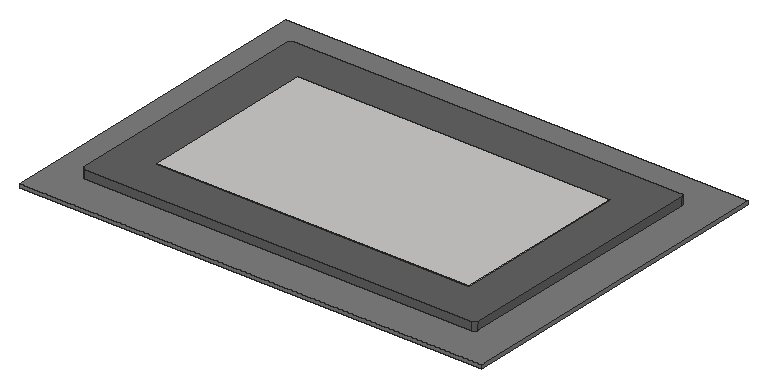
Revit family "QSC TSC80W-G2_R15", category Communication Devices, host Face, Revit 2015
Parameters
  Weight Product = 0.39
  Voltage DC = "24 VDC or PoE 802.3af"
  URL = "https://www.qsc.com/systems/products/q-sys-platform/products-peripherals-accessories/network-touch-screen-controller-peripherals/tsc-55w-g2/"
  Width = 148.5 mm
  Temperature Min = "32F/ 0C"
  Temperature Max = "122F/ 50C"
  Sustainability Rating = ""
  Screen Width = 122.0 mm
  Screen Height = 68.0 mm
  Screen = Metal Panel
  Resolution Vertical = 540
  Resolution Horizontal = 960
  Regulatory Compliance = ""
  OmniClass Number = "23-19 11 25"
  Logo Material [instance] = White Finish
  Height = 87.5 mm
  Product Documentation Link = "https://www.qsc.com/resource-files/productresources/dn/touchscreen_controller_peripherals/q_dn_qsys_tsc-g2_specs.pdf"
  Model = "TSC-55W-G2"
  Manufacturer URL = "http://www.qsc.com"
  Manufacturer = "QSC"  # constant formula
  Heat Load = "17 typical"
  Face Material = Glossy Black
  Description = "In-Wall or Table Top Touch Screen Controller"
  Depth = 33.7 mm
  Default Elevation = 0.0 mm
  Current Draw = 0.5
  Enclosure Material = Steel, Paint Finish, Dark Gray, Matte
  Brightness Full = "400 Nits"
Reference planes
  plane 1 "Center (Front/Back)": y = 0
  plane 2: z = 3.484
  plane 3 "Center (Left/Right)": x = 0
  plane 4: x = -66
  plane 5: x = 66
  plane 6: y = 40.5
  plane 7: y = -40.5
  plane 8: x = -50
  plane 9: x = 50
  plane 10: y = 30
  plane 11: y = -30
  plane 12: z = 8
  plane 13: z = -2
  plane 14: z = -6
  plane 15: x = -61
  plane 16: x = 61
  plane 17: y = -38
  plane 18: y = 38
  plane 19: x = -54.3
  plane 20: x = 54.3
  plane 21: y = -22
  plane 22: y = 22
  plane 23: x = -24
  plane 24: x = 24
  plane 25: x = 20
  plane 26: x = -20
  plane 27: y = 13
  plane 28: y = -13
  plane 29: z = -26
Forms (mm)
  Extrusion 1, solid, material "Glass"
    sketch origin (1, 0, 0) x (1, 0, 0) y (0, 1, 0)
      loop
        line (-130.824, 93.5) -> (-130.824, -95.344) -> (131.145, -95.344) -> (131.145, 93.5) -> (-130.824, 93.5)
    from 3.484 to 1.438
  Extrusion 2, solid, material "Glossy Black" <- "Face Material"
    sketch origin (0.365, 0, 6) x (-1, 0, 0) y (0, -1, 0)
      loop
        line (-109.385, -74.2) -> (110.115, -74.2)
        arc (110.115, -74.2) -> (111.529, -73.614) -> (112.115, -72.2) r 2
        line (112.115, -72.2) -> (112.115, 72.2)
        arc (112.115, 72.2) -> (111.529, 73.614) -> (110.115, 74.2) r 2
        line (110.115, 74.2) -> (-109.385, 74.2)
        arc (-109.385, 74.2) -> (-110.799, 73.614) -> (-111.385, 72.2) r 2
        line (-111.385, 72.2) -> (-111.385, -72.2)
        arc (-111.385, -72.2) -> (-110.799, -73.614) -> (-109.385, -74.2) r 2
    from -2.516 to 2
  Extrusion 3, solid, material "Metal Panel" <- "Screen"
    sketch origin (0.365, 0, 8) x (-1, 0, 0) y (0, -1, 0)
      loop
        line (88.865, -50) -> (88.865, 50) -> (-88.135, 50) -> (-88.135, -50) -> (88.865, -50)
    from 0.1 to -2
  Extrusion 4, solid, material "Steel, Paint Finish, Dark Gray, Matte" <- "Enclosure Material"
    sketch origin (0.062, 0, -6) x (-1, 0, 0) y (0, -1, 0)
      loop
        line (61, -38) -> (61, 38) -> (-61, 38) -> (-61, -38) -> (61, -38)
    from 0 to 4
  Blend 5, solid, material "Steel, Paint Finish, Dark Gray, Matte" <- "Enclosure Material"
    base sketch origin (0, 0, 13) x (-1, 0, 0) y (0, -1, 0)
      loop
        arc (109.75, -74.2) -> (111.164, -73.614) -> (111.75, -72.2) r 2
        line (111.75, -72.2) -> (111.75, 72.2)
        arc (111.75, 72.2) -> (111.164, 73.614) -> (109.75, 74.2) r 2
        line (109.75, 74.2) -> (0.581, 74.2) -> (-109.75, 74.2)
        arc (-109.75, 74.2) -> (-111.164, 73.614) -> (-111.75, 72.2) r 2
        line (-111.75, 72.2) -> (-111.75, -72.2)
        arc (-111.75, -72.2) -> (-111.164, -73.614) -> (-109.75, -74.2) r 2
        line (-109.75, -74.2) -> (109.75, -74.2)
    top sketch origin (0, 0, 13) x (-1, 0, 0) y (0, -1, 0)
      loop
        line (60.937, -55.196) -> (60.937, 54.804) -> (-61.063, 54.804) -> (-61.063, -55.196) -> (60.937, -55.196)
    from -9.516 to -15
  Extrusion 6, solid, material "Steel, Paint Finish, Dark Gray, Matte" <- "Enclosure Material"
    sketch origin (0, 0, 13) x (-1, 0, 0) y (0, -1, 0)
      loop
        arc (43.3, -38) -> (51.078, -34.778) -> (54.3, -27) r 11
        line (54.3, -27) -> (54.3, 27)
        arc (54.3, 27) -> (51.078, 34.778) -> (43.3, 38) r 11
        line (43.3, 38) -> (-43.3, 38)
        arc (-43.3, 38) -> (-51.078, 34.778) -> (-54.3, 27) r 11
        line (-54.3, 27) -> (-54.3, -27)
        arc (-54.3, -27) -> (-51.078, -34.778) -> (-43.3, -38) r 11
        line (-43.3, -38) -> (43.3, -38)
    from -17.197 to -19.3
  Extrusion 7, solid, material "Steel, Paint Finish, Dark Gray, Matte" <- "Enclosure Material"
    sketch origin (0, 0, 13) x (-1, 0, 0) y (0, -1, 0)
      loop
        arc (26.142, -17.625) -> (28.971, -16.453) -> (30.142, -13.625) r 4
        line (30.142, -13.625) -> (30.142, 13.625)
        arc (30.142, 13.625) -> (28.971, 16.453) -> (26.142, 17.625) r 4
        line (26.142, 17.625) -> (-26.142, 17.625)
        arc (-26.142, 17.625) -> (-28.971, 16.453) -> (-30.142, 13.625) r 4
        line (-30.142, 13.625) -> (-30.142, -13.625)
        arc (-30.142, -13.625) -> (-28.971, -16.453) -> (-26.142, -17.625) r 4
        line (-26.142, -17.625) -> (26.142, -17.625)
    from -39 to -19.3
  Extrusion 8, solid, material "Steel, Paint Finish, Dark Gray, Matte" <- "Enclosure Material"
    sketch origin (0, 0, 13) x (-1, 0, 0) y (0, -1, 0)
      loop
        line (-10.664, -6.112) -> (-10.664, 6.112) -> (-20.313, 6.112) -> (-20.313, -6.112) -> (-10.664, -6.112)
    from -39.493 to -36.873
  Extrusion 9, void
    sketch origin (16.174, 12.769, 13) x (0, -1, 0) y (1, 0, 0)
      loop
        line (7.632, -4.391) -> (17.906, -4.391) -> (17.906, 0) -> (16.579, 0) -> (16.579, 1.462) -> (15.113, 1.462) -> (15.113, 3.183) -> (10.301, 3.183) -> (10.301, 1.462) -> (8.835, 1.462) -> (8.835, 0) -> (7.632, 0) -> (7.632, -4.391)
    from -37.366 to -40.036
  Extrusion 10, void
    sketch origin (0, 0, 13) x (-1, 0, 0) y (0, -1, 0)
      loop
        line (-7.377, -20.04) -> (-7.377, -10.04) -> (-18.958, -10.04) -> (-18.958, -20.04) -> (-7.377, -20.04)
    from -37.366 to -39
  Extrusion 11, void
    sketch origin (0, 0, 13) x (-1, 0, 0) y (0, -1, 0)
      loop
        circle (-19.5, -17.625) r 0.8
      loop
        circle (-16.5, -17.625) r 0.8
      loop
        circle (-13.5, -17.625) r 0.8
      loop
        circle (-10.5, -17.625) r 0.8
      loop
        circle (-7.5, -17.625) r 0.8
      loop
        circle (-4.5, -17.625) r 0.8
      loop
        circle (-1.5, -17.625) r 0.8
      loop
        circle (19.5, -17.625) r 0.8
      loop
        circle (16.5, -17.625) r 0.8
      loop
        circle (13.5, -17.625) r 0.8
      loop
        circle (10.5, -17.625) r 0.8
      loop
        circle (7.5, -17.625) r 0.8
      loop
        circle (4.5, -17.625) r 0.8
      loop
        circle (1.5, -17.625) r 0.8
      loop
        circle (-19.5, 17.625) r 0.8
      loop
        circle (-16.5, 17.625) r 0.8
      loop
        circle (-13.5, 17.625) r 0.8
      loop
        circle (-10.5, 17.625) r 0.8
      loop
        circle (-7.5, 17.625) r 0.8
      loop
        circle (-4.5, 17.625) r 0.8
      loop
        circle (-1.5, 17.625) r 0.8
      loop
        circle (19.5, 17.625) r 0.8
      loop
        circle (16.5, 17.625) r 0.8
      loop
        circle (13.5, 17.625) r 0.8
      loop
        circle (10.5, 17.625) r 0.8
      loop
        circle (7.5, 17.625) r 0.8
      loop
        circle (4.5, 17.625) r 0.8
      loop
        circle (1.5, 17.625) r 0.8
    from -32.84 to -19.3
  Extrusion 12, void
    sketch origin (0, 0, 0) x (1, 0, 0) y (0, 0, 1)
      loop
        arc (9.719, -24.377) -> (9.571, -24.021) -> (9.214, -23.873) r 0.505
        line (9.214, -23.873) -> (6.641, -23.873)
        arc (6.641, -23.873) -> (6.284, -24.021) -> (6.136, -24.377) r 0.505
        line (6.136, -24.377) -> (6.136, -25.398)
        arc (6.136, -25.398) -> (6.312, -25.824) -> (6.738, -26) r 0.602
        line (6.738, -26) -> (9.117, -26)
        arc (9.117, -26) -> (9.543, -25.824) -> (9.719, -25.398) r 0.602
        line (9.719, -25.398) -> (9.719, -24.377)
    from -1.622 to -8.45
  Extrusion 13, void
    sketch origin (0, 0, 13) x (-1, 0, 0) y (0, -1, 0)
      loop
        arc (-25.017, 1.911) -> (-26.564, 5.307) -> (-30.142, 6.368) r 4.5
        line (-30.142, 6.368) -> (-30.142, -6.368)
        arc (-30.142, -6.368) -> (-26.564, -5.307) -> (-25.017, -1.911) r 4.5
        line (-25.017, -1.911) -> (-25.017, 1.911)
      loop
        line (25.017, 1.911) -> (25.017, -1.911)
        arc (25.017, -1.911) -> (26.564, -5.307) -> (30.142, -6.368) r 4.5
        line (30.142, -6.368) -> (30.142, 6.368)
        arc (30.142, 6.368) -> (26.564, 5.307) -> (25.017, 1.911) r 4.5
    from -19 to -40.036
Cuts and joins
  Extrusion 9 cuts Extrusion 8
  Extrusion 9, Extrusion 10, Extrusion 11, Extrusion 12, Extrusion 13 cuts Extrusion 7
Lines and regions (mm)
  model lines, not visible, detail levels fine
    curve 1: line (344.322, -25.724, 0.794) -> (342.106, -22.804, 0.794)
    curve 2: line (342.106, -22.804, 0.794) -> (344.322, -25.724, 0.794)
    curve 3: line (334.07, -25.359, 0.794) -> (334.908, -22.347, 0.794)
    curve 4: line (334.908, -22.347, 0.794) -> (334.07, -25.359, 0.794)
    curve 5: line (335.469, -27.353, 0.794) -> (334.844, -21.779, 0.794)
    curve 6: line (334.844, -21.779, 0.794) -> (335.469, -27.353, 0.794)
    curve 7: line (347.29, -23.453, 0.794) -> (349.266, -24.905, 0.794)
    curve 8: line (349.266, -24.905, 0.794) -> (347.29, -23.453, 0.794)
    curve 17: line (-85.176, 10.698, 0) -> (-87.627, 13.927, 0)
    curve 18: line (-87.627, 13.927, 0) -> (-85.176, 10.698, 0)
    curve 19: line (-96.512, 11.101, 0) -> (-95.587, 14.432, 0)
    curve 20: line (-95.587, 14.432, 0) -> (-96.512, 11.101, 0)
    curve 21: line (-94.966, 8.896, 0) -> (-95.657, 15.06, 0)
    curve 22: line (-95.657, 15.06, 0) -> (-94.966, 8.896, 0)
    curve 23: line (-81.894, 13.209, 0) -> (-79.709, 11.603, 0)
    curve 24: line (-79.709, 11.603, 0) -> (-81.894, 13.209, 0)
    curve 29: line (-87.642, 15.201, 2.002) -> (-89.747, 17.974, 2.002)
    curve 30: line (-89.747, 17.974, 2.002) -> (-87.642, 15.201, 2.002)
    curve 31: line (-97.378, 15.547, 2.002) -> (-96.583, 18.408, 2.002)
    curve 32: line (-96.583, 18.408, 2.002) -> (-97.378, 15.547, 2.002)
    curve 33: line (-96.05, 13.653, 2.002) -> (-96.644, 18.947, 2.002)
    curve 34: line (-96.644, 18.947, 2.002) -> (-96.05, 13.653, 2.002)
    curve 35: line (-84.824, 17.357, 2.002) -> (-82.947, 15.978, 2.002)
    curve 36: line (-82.947, 15.978, 2.002) -> (-84.824, 17.357, 2.002)
  model lines, not visible
    curve 9: arc (-104.012, -1.588, 45.52) -> (-96.511, 5.913, 45.52) -> (-89.011, -1.588, 45.52) r 7.501
    curve 10: arc (-89.011, -1.588, 45.52) -> (-96.511, -9.088, 45.52) -> (-104.012, -1.588, 45.52) r 7.501
    curve 11: arc (73.897, 4.762, 45.52) -> (89.396, 20.262, 45.52) -> (104.895, 4.762, 45.52) r 15.499
    curve 12: arc (104.895, 4.762, 45.52) -> (89.396, -10.737, 45.52) -> (73.897, 4.762, 45.52) r 15.499
    curve 13: line (54.287, 24.465, 45.52) -> (54.287, -20.671, 45.52)
    curve 14: line (54.287, -20.671, 45.52) -> (-16.573, -20.671, 45.52)
    curve 15: line (-16.573, -20.671, 45.52) -> (-16.573, 24.465, 45.52)
    curve 16: line (-16.573, 24.465, 45.52) -> (54.287, 24.465, 45.52)
    curve 25: line (-1.016, 14.019, 0) -> (100.984, 14.019, 0)
    curve 26: line (-1.016, -2.981, 0) -> (-1.016, 14.019, 0)
    curve 27: line (100.984, -2.981, 0) -> (-1.016, -2.981, 0)
    curve 28: line (100.984, 14.019, 0) -> (100.984, -2.981, 0)
  model lines, detail levels fine
    curve 37: line (1.439, -63.456, 8) -> (-0.666, -60.683, 8)
    curve 38: line (-0.666, -60.683, 8) -> (1.439, -63.456, 8)
    curve 39: line (-8.297, -63.11, 8) -> (-7.502, -60.25, 8)
    curve 40: line (-7.502, -60.25, 8) -> (-8.297, -63.11, 8)
    curve 41: line (-6.969, -65.004, 8) -> (-7.562, -59.71, 8)
    curve 42: line (-7.562, -59.71, 8) -> (-6.969, -65.004, 8)
    curve 43: line (4.257, -61.301, 8) -> (6.134, -62.68, 8)
    curve 44: line (6.134, -62.68, 8) -> (4.257, -61.301, 8)
Dimensions and locks
  aligned and locked: plane 2 to Extrusion 1
Connectors
  electrical at (13.167, 13.832, -24.366)
    settings: on cut or joined group of Extrusion 7, Extrusion 9, Extrusion 10, Extrusion 11, Extrusion 12, Extrusion 13, index 2, voltage 0 V, apparent load 0 VA, apparent load phase1 0 VA, apparent load phase2 0 VA, apparent load phase3 0 VA, power factor 1, load classification "Other", number of poles 1, system type 30, power factor state 1, is connector primary yes, connector utility no, sub classification motor no, connector description ""
  electrical at (16.46, 0.042, -24.366)
    settings: on cut or joined group of Extrusion 8, Extrusion 9, index 3, voltage 0 V, apparent load 0 VA, apparent load phase1 0 VA, apparent load phase2 0 VA, apparent load phase3 0 VA, power factor 1, load classification "Other", number of poles 1, system type 5, power factor state 1, is connector primary no, connector utility no, sub classification motor no, connector description ""
